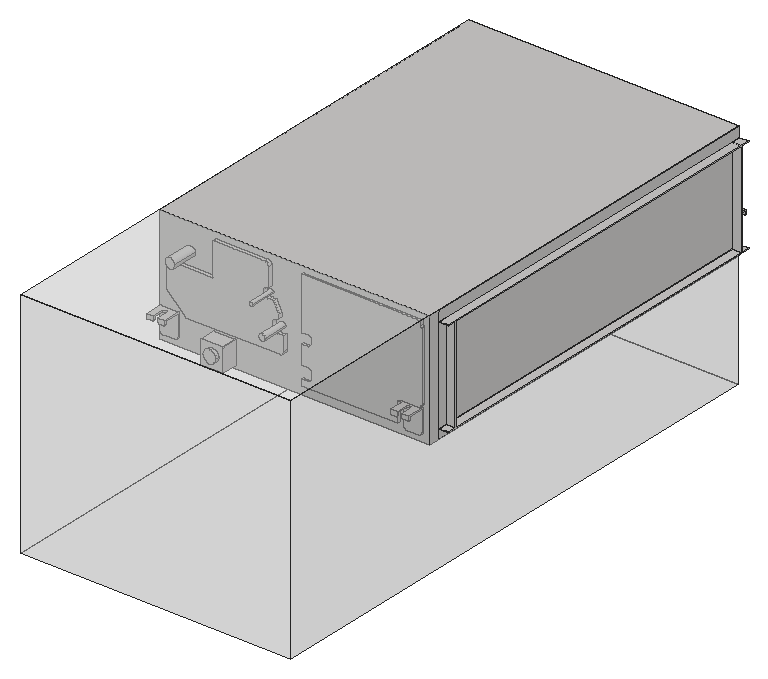
Revit family "outputfile", category 機械設備, Revit 2024
Family settings
  丸型コネクタ寸法 = 半径を使用
  パーツ タイプ = 標準
  OmniClass 番号 = 23.75.10.24.21.27.27
  OmniClass タイトル = Split System Air Conditioning Units
  作業面ベース = いいえ
  常に垂直 = はい
  ロード時にボイドで切り取り = いいえ
  注釈の向きを維持 = いいえ
  共有 = いいえ
  部屋計算ポイント = はい
Parameters (values of type "FXMQ140BFV2S")
  Description = ""
  製造元 = "Daikin"
  書き出し IFC クラス(タイプ) = "IfcUnitaryEquipmentType"
  定義済み IFC タイプ(タイプ) = "AIRCONDITIONINGUNIT"
  Cost = 0
  モデル = "FXMQ140BFV2S"
  Type Comments = ""
  Keynote = ""
  Type Image = (empty or 0)
  Assembly Code = ""
  w_dischargeflange = 805.0 mm
  w_suctionflange = 970.0 mm
  r_Liquid Pipe Size = Liquid Pipe Size / 2  # 4.75 mm
  r_Gas Pipe Size = Gas Pipe Size / 2  # 7.95 mm
  r_Drain Pipe Size = Drain Pipe Size / 2  # 12.5 mm
  lw_powersupply = 380.0 mm  # constant formula
  lw_mountinghole_pitch = 631.0 mm  # constant formula
  lw_mountinghole = 27.0 mm  # constant formula
  lw_maintenacesocket = 169.0 mm  # constant formula
  lw_liquidpipe = 290.0 mm  # constant formula
  lw_gaspipe = 318.0 mm  # constant formula
  lw_drainpipe = 80.0 mm  # constant formula
  lh_dischargeflange = 165.0 mm  # constant formula
  lh_powersupply = 56.0 mm  # constant formula
  lh_maintenacesocket = 40.0 mm  # constant formula
  lh_liquidpipe = 212.0 mm  # constant formula
  lh_gaspipe = 144.0 mm  # constant formula
  lh_drainpipe = 232.0 mm  # constant formula
  lh_suctionflange = 150.0 mm  # constant formula
  lh_antena = Height - lh_mountinghole + 1.0 mm  # 221.0 mm
  ld_dischargeflange = 435.0 mm
  ld_powersupply = Depth / 2  # 500.0 mm
  ld_mountinghole_pitch = 1038.0 mm
  ld_suctionflange = 513.0 mm
  h_dischargeflange = 265.0 mm  # constant formula
  lh_mountinghole = 80.0 mm  # constant formula
  h_mountinghole = [h***] + lh_mountinghole  # 80.0 mm
  h_suctionflange = 297.0 mm  # constant formula
  h*** = 0.0 mm  # constant formula
  d_dischargeflange = 25.0 mm  # constant formula
  d_pipe = 65.0 mm
  d_suctionflange = 25.0 mm  # constant formula
  Width = 700.0 mm
  Voltage_comment_50Hz = "220-240"
  Voltage_50Hz = 230 V
  Version = "ver.1.0"
  Unit Type = "Outdoor Air Processing Unit"
  Unit Mass Weight = 36.00 kg
  Unit Designation [instance] = ""
  Uniclass2015Version = "Products v1.30"
  Uniclass2015Title = "Variable refrigerant flow units"
  Uniclass2015Code = "Pr_70_65_03_94"
  URL = ""
  Total Cooling Capacity [instance] = 0.000 kW
  Supply Air Direction [instance] = yes
  Sound Pressure Level_M speed (dBA) = 34
  Sound Pressure Level_L speed (dBA) = 25
  Sound Pressure Level_H speed (dBA) = 41
  Sound Power Level_H speed (dB) = 0
  Series = "VRV Fan Coil Unit"
  Sensible Cooling Capacity [instance] = 0.000 kW
  SA Duct Size Width = 760.0 mm
  SA Duct Size Height = 215.0 mm
  Refrigerant Type = "R410A"
  Power Input (Cooling) = 0.100 kW
  Phase_50Hz = 1
  Option Accessory 3 [instance] = ""
  Option Accessory 2 [instance] = ""
  Option Accessory 1 [instance] = ""
  OA Duct Size Width = 925.0 mm
  OA Duct Size Height = 247.0 mm
  Nominal Cooling Capacity = 16.000 kW
  Minimum External Static Pressure = 50.00 Pa
  Minimum Circuit Amps_50Hz = 1.75 A
  Minimum Airflow = 618.00 m³/h
  Median Airflow = 924.00 m³/h
  Maximum Fuse Amps_50Hz = 16.0 A
  Maximum External Static Pressure = 200.00 Pa
  Maximum Airflow = 1230.00 m³/h
  Material_Casing = DAIKIN_GalvanizedSteel_Casing_indoorunit
  Load Classification = HVAC
  Liquid Pipe Size = 9.5 mm
  Link_Nested Family [instance] = ""
  IfcVersion = "0"
  IfcExportType = "AIRCONDITIONINGUNIT"
  IfcExportAs = "IfcUnitaryEquipmentType"
  Height = 300.0 mm
  Heat Exchanger Type = "Cross Fin Coil"
  Gas Pipe Size = 15.9 mm
  Frequency_50Hz = 50 Hz
  Fan Type = "Sirocco Fan"
  Fan Drive = "Direct Drive"
  FCU Tag No. [instance] = ""
  Drain Pipe Size = 25.0 mm
  Design Supply Airflow [instance] = 0.00 m³/h
  Design Outdoor Airflow [instance] = 0.00 m³/h
  Design External Static Pressure [instance] = 0.00 Pa
  Depth = 1000.0 mm
  既定の高さ = 0.0 mm
  Cooling Entering Wet Bulb Temperature [instance] = 0.00 °C
  Cooling Entering Dry Bulb Temperature [instance] = 0.00 °C
  Cooling Ambient Wet Bulb Temperature [instance] = 0.00 °C
  Cooling Ambient Dry Bulb Temperature [instance] = 0.00 °C
  Clearance visibility [instance] = yes
  Clearance Top = 0.0 mm
  Clearance Right = 0.0 mm
  Clearance Rear = 0.0 mm
  Clearance Left = 0.0 mm
  Clearance Front = 450.0 mm
  Clearance Bottom = 300.0 mm
Reference planes
  plane 1 "Center (Front/Back)": y = 0
  plane 2: z = 0
  plane 3 "Center (Left/Right)": x = 0
  plane 4 "Back": y = 500
  plane 5 "Front": y = -500
  plane 6 "Left": x = -350
  plane 7 "Right": x = 350
  plane 8 "Top": z = 0
  plane 9 "Bottom": z = -300
  plane 10: y = 500
  plane 11: y = -950
  plane 12: x = 350
  plane 13: x = -350
  plane 14: z = 0
  plane 15: z = -600
  plane 16: y = -506
  plane 17: y = -510
  plane 18: y = -541
  plane 19: y = -549
  plane 20: y = -565
  plane 21 "ld_drainpipe": x = -270
  plane 22 "ld_liquidpipe": x = -60
  plane 23 "ld_gaspipe": x = -32
  plane 24 "lh_gaspipe": z = -156
  plane 25 "lh_drainpipe": z = -68
  plane 26 "lh_liquidpipe": z = -88
  plane 27 "h_mountinghole": z = -220
  plane 28: x = -323
  plane 29: x = 308
  plane 30: y = 519
  plane 31: y = -519
  plane 32 "lh_powersuply": z = -244
  plane 33 "ld_powersupply": x = 30
  plane 34 "lh_suctionflange": z = -150
  plane 35 "ld_suctionflange": y = 13
  plane 36 "ld_dischargeflange": y = 65
  plane 37 "lh_dischargeflange": z = -135
  plane 38 "lh_maintenacesocket": z = -260
  plane 39 "lw_maintenacesocket": x = -181
Forms (mm)
  Extrusion 1, solid, material "DAIKIN_GalvanizedSteel_Casing_indoorunit" <- "Material_Casing"
    sketch origin (0, 0, 0) x (1, 0, 0) y (0, 0, 1)
      loop
        line (-350, 0) -> (-350, -300) -> (350, -300) -> (350, 0) -> (-350, 0)
    from -500 to 500
  Extrusion 2, solid, material "DAIKIN_GalvanizedSteel_Casing_indoorunit" <- "Material_Casing"
    sketch origin (0, 0, 0) x (1, 0, 0) y (0, 0, 1)
      loop
        line (23.104, -151.299) -> (41.1, -151.326)
        arc (41.1, -151.326) -> (46.767, -153.673) -> (49.114, -159.34) r 8.015
        line (49.114, -159.34) -> (49.104, -169.302)
        arc (49.104, -169.302) -> (46.761, -174.959) -> (41.104, -177.302) r 8
        line (41.104, -177.302) -> (23.104, -177.302) -> (23.104, -227.302) -> (41.104, -227.302)
        arc (41.104, -227.302) -> (46.761, -229.645) -> (49.104, -235.302) r 8
        line (49.104, -235.302) -> (49.104, -251.302)
        arc (49.104, -251.302) -> (46.761, -256.959) -> (41.104, -259.302) r 8
        line (41.104, -259.302) -> (23.104, -259.302) -> (23.104, -274.802) -> (271.104, -274.802) -> (271.104, -224.802)
        arc (271.104, -224.802) -> (272.568, -221.266) -> (276.104, -219.802) r 5
        line (276.104, -219.802) -> (327.104, -219.802)
        spline (327.104, -219.802) -> (327.496, -219.776) -> (327.88, -219.7) -> (328.252, -219.574) -> (328.604, -219.4) -> (328.93, -219.182) -> (329.225, -218.923) -> (329.484, -218.628) -> (329.702, -218.302) -> (329.876, -217.95) -> (330.002, -217.578) -> (330.078, -217.194) -> (330.104, -216.802)
        line (330.104, -216.802) -> (330.104, -213) -> (332, -213)
        arc (332, -213) -> (334.121, -212.121) -> (335, -210) r 3
        line (335, -210) -> (335, -32)
        arc (335, -32) -> (334.121, -29.879) -> (332, -29) r 3
        line (332, -29) -> (330.104, -29) -> (330.104, -15.8) -> (23.104, -15.8) -> (23.104, -151.299)
    from 500 to 506
  Extrusion 3, solid, material "DAIKIN_GalvanizedSteel_Casing_indoorunit" <- "Material_Casing"
    sketch origin (0, 0, 0) x (1, 0, 0) y (0, 0, 1)
      loop
        line (-70, -15.8) -> (-201, -15.8)
        arc (-201, -15.8) -> (-203.121, -16.679) -> (-204, -18.8) r 3
        line (-204, -18.8) -> (-204, -102) -> (-321, -102)
        arc (-321, -102) -> (-323.121, -102.879) -> (-324, -105) r 3
        line (-324, -105) -> (-324, -167.757)
        arc (-324, -167.757) -> (-323.772, -168.905) -> (-323.121, -169.879) r 3
        line (-323.121, -169.879) -> (-274.879, -218.121)
        arc (-274.879, -218.121) -> (-273.905, -218.772) -> (-272.757, -219) r 3
        line (-272.757, -219) -> (-30, -219)
        arc (-30, -219) -> (-22.929, -216.071) -> (-20, -209) r 10
        line (-20, -209) -> (-20, -172.5) -> (-26.169, -172.5)
        arc (-26.169, -172.5) -> (-49.051, -159.94) -> (-34, -138.615) r 17.5
        line (-34, -138.615) -> (-34, -127.5) -> (-47, -100.5) -> (-56.429, -100.5)
        arc (-56.429, -100.5) -> (-72.874, -89.803) -> (-60, -75) r 13
        line (-60, -75) -> (-60, -25.8)
        arc (-60, -25.8) -> (-62.929, -18.729) -> (-70, -15.8) r 10
    from 510 to 500
  Extrusion 4, solid, material "DAIKIN_GalvanizedSteel_Casing_indoorunit" <- "Material_Casing"
    sketch origin (0, 0, 0) x (1, 0, 0) y (0, 0, 1)
      loop
        line (-209.102, -232.7) -> (-209.102, -292.398) -> (-152.898, -292.398) -> (-152.898, -232.7)
        arc (-152.898, -232.7) -> (-153.133, -232.133) -> (-153.7, -231.898) r 0.802
        line (-153.7, -231.898) -> (-208.298, -231.898)
        arc (-208.298, -231.898) -> (-208.865, -232.133) -> (-209.102, -232.7) r 0.802
    from 500 to 541
  Extrusion 5, solid, material "DAIKIN_GalvanizedSteel_Casing_indoorunit" <- "Material_Casing"
    sketch origin (0, 0, 0) x (1, 0, 0) y (0, 0, 1)
      loop
        circle (-181, -260) r 16.5
    from 541 to 549
  Extrusion 6, solid, material "DAIKIN_GalvanizedSteel_Casing_indoorunit" <- "Material_Casing"
    sketch origin (0, 0, 0) x (1, 0, 0) y (0, 0, 1)
      loop
        circle (-270, -68) r 12.5
      loop
        circle (-60, -88) r 4.75
      loop
        circle (-32, -156) r 7.95
    from 500 to 565
Dimensions and locks
  "Height": plane 8 "Top" to plane 9 "Bottom"
  equal spacing: plane 6 "Left", plane 3 "Center (Left/Right)", plane 7 "Right", locked at 350 each
  "Width": plane 6 "Left" to plane 7 "Right"
  equal spacing: plane 4 "Back", plane 1 "Center (Front/Back)", plane 5 "Front"
  "Depth": plane 4 "Back" to plane 5 "Front"
  "Clearance Left": plane 13 to plane 6 "Left"
  "Clearance Right": plane 7 "Right" to plane 12
  "Clearance Rear": plane 10 to plane 4 "Back"
  "Clearance Front": plane 5 "Front" to plane 11
  "Clearance Top": plane 14 to plane 8 "Top"
  "Clearance Bottom": plane 9 "Bottom" to plane 15
  Extrusion 2 sketch curve to Extrusion 2 sketch curve to Extrusion 2 sketch curve = 307.0 mm locked, 4.896 mm locked
  Extrusion 2 sketch curve to Extrusion 2 sketch curve to Extrusion 2 sketch curve to Extrusion 2 sketch curve to Extrusion 2 sketch curve = 26.0 mm locked, 222.0 mm locked, 59.0 mm locked, 4.896 mm locked
  locked: Extrusion 2 sketch curve to Extrusion 2 sketch curve at 26.01
  locked: Extrusion 2 sketch curve to nested 1 at 23.104
  locked: Extrusion 2 sketch curve to plane 3 "Center (Left/Right)" at 23.104
  plane 3 "Center (Left/Right)" to Extrusion 2 sketch curve = 23.104 mm
  Extrusion 2 sketch curve to Extrusion 2 sketch curve to Extrusion 2 sketch curve to Extrusion 2 sketch curve to Extrusion 2 sketch curve = 161.502 mm locked, 50.0 mm locked, 32.0 mm locked, 15.5 mm locked
  locked: Extrusion 2 sketch curve to Extrusion 2 sketch curve at 68.127
  locked: Extrusion 2 sketch curve to Extrusion 2 sketch curve at 13.2
  locked: Extrusion 2 sketch curve to Extrusion 2 sketch curve at 6.802
  locked: Extrusion 2 sketch curve to Extrusion 2 sketch curve at 55
  locked: plane 5 "Front" to plane 16 at 6
  locked: plane 5 "Front" to plane 17 at 10
  locked: plane 5 "Front" to plane 18 at 41
  "d_pipe": plane 5 "Front" to plane 20
  "lw_drainpipe": plane 6 "Left" to plane 21 "ld_drainpipe"
  "lw_liquidpipe": plane 6 "Left" to plane 22 "ld_liquidpipe"
  "lw_gaspipe": plane 6 "Left" to plane 23 "ld_gaspipe"
  "lh_gaspipe": plane 24 "lh_gaspipe" to plane 9 "Bottom"
  "lh_liquidpipe": plane 26 "lh_liquidpipe" to plane 9 "Bottom"
  "lh_drainpipe": plane 25 "lh_drainpipe" to plane 9 "Bottom"
  "lh_mountinghole": plane 27 "h_mountinghole" to plane 9 "Bottom"
  "lw_mountinghole": plane 6 "Left" to plane 28
  "lw_mountinghole_pitch": plane 28 to plane 29
  equal spacing: plane 30, plane 1 "Center (Front/Back)", plane 31
  "ld_mountinghole_pitch": plane 30 to plane 31
  locked: Extrusion 3 sketch curve to plane 6 "Left" at 146
  locked: Extrusion 3 sketch curve to plane 6 "Left" at 290
  locked: plane 6 "Left" to Extrusion 3 sketch curve at 26
  locked: Extrusion 3 sketch curve to plane 6 "Left" at 316
  locked: Extrusion 3 sketch curve to plane 6 "Left" at 330
  locked: Extrusion 3 sketch curve to plane 9 "Bottom" at 81
  locked: Extrusion 3 sketch curve to plane 9 "Bottom" at 284.2
  locked: Extrusion 3 sketch curve to plane 9 "Bottom" at 199.5
  locked: Extrusion 3 sketch curve to plane 9 "Bottom" at 127.5
  locked: Extrusion 3 sketch curve to plane 9 "Bottom" at 198
  "lh_powersupply": plane 32 "lh_powersuply" to plane 9 "Bottom"
  "lw_powersupply": plane 6 "Left" to plane 33 "ld_powersupply"
  "lh_suctionflange": plane 34 "lh_suctionflange" to plane 9 "Bottom"
  "ld_suctionflange": plane 35 "ld_suctionflange" to plane 5 "Front"
  "ld_dischargeflange": plane 4 "Back" to plane 36 "ld_dischargeflange"
  "lh_dischargeflange": plane 37 "lh_dischargeflange" to plane 9 "Bottom"
  locked: plane 5 "Front" to plane 19 at 49
  "lh_maintenacesocket": plane 38 "lh_maintenacesocket" to plane 9 "Bottom"
  "lw_maintenacesocket": plane 6 "Left" to plane 39 "lw_maintenacesocket"
  equal spacing: Extrusion 4 sketch curve, plane 39 "lw_maintenacesocket", Extrusion 4 sketch curve
  locked: Extrusion 4 sketch curve to Extrusion 4 sketch curve at 56.204
  Extrusion 4 sketch curve to plane 38 "lh_maintenacesocket" to Extrusion 4 sketch curve = 28.102 mm locked, 32.398 mm locked
  "r_Drain Pipe Size": radius of Extrusion 6 sketch curve
  "r_Liquid Pipe Size": radius of Extrusion 6 sketch curve
  "r_Gas Pipe Size": radius of Extrusion 6 sketch curve
  aligned and locked: level to plane 2
  aligned and locked: Extrusion 1 sketch curve to plane 8 "Top"
  aligned and locked: plane 6 "Left" to Extrusion 1 sketch curve
  aligned and locked: plane 9 "Bottom" to Extrusion 1 sketch curve
  aligned and locked: Extrusion 1 sketch curve to plane 7 "Right"
  aligned and locked: plane 4 "Back" to Extrusion 1
  aligned and locked: Extrusion 1 to plane 5 "Front"
  aligned and locked: plane 10 to nested 1
  aligned and locked: plane 11 to nested 1
  aligned and locked: plane 12 to nested 1
  aligned and locked: nested 1 to plane 13
  aligned and locked: plane 15 to nested 1
  aligned and locked: plane 14 to nested 1
  aligned and locked: Extrusion 2 to plane 16
  aligned and locked: plane 5 "Front" to Extrusion 2
  aligned and locked: Extrusion 4 to plane 18
  aligned and locked: plane 5 "Front" to Extrusion 4
  aligned and locked: Extrusion 5 to plane 19
  aligned and locked: plane 18 to Extrusion 5
  aligned and locked: plane 25 "lh_drainpipe" to Extrusion 6 sketch curve
  aligned and locked: plane 21 "ld_drainpipe" to Extrusion 6 sketch curve
  aligned and locked: plane 26 "lh_liquidpipe" to Extrusion 6 sketch curve
  aligned and locked: plane 22 "ld_liquidpipe" to Extrusion 6 sketch curve
  aligned and locked: plane 23 "ld_gaspipe" to Extrusion 6 sketch curve
  aligned and locked: plane 24 "lh_gaspipe" to Extrusion 6 sketch curve
  aligned and locked: Extrusion 6 to plane 20
  aligned and locked: plane 5 "Front" to Extrusion 6
  aligned and locked: nested 2 to plane 5 "Front"
  aligned and locked: nested 2 to plane 21 "ld_drainpipe"
  aligned and locked: plane 25 "lh_drainpipe" to nested 2
  aligned and locked: nested 3 to plane 5 "Front"
  aligned and locked: nested 4 to plane 5 "Front"
  aligned and locked: plane 26 "lh_liquidpipe" to nested 3
  aligned and locked: plane 24 "lh_gaspipe" to nested 4
  aligned and locked: plane 29 to nested 5
  aligned and locked: plane 4 "Back" to nested 5
  aligned and locked: plane 27 "h_mountinghole" to nested 5
  aligned and locked: plane 28 to nested 6
  aligned and locked: plane 4 "Back" to nested 6
  aligned and locked: plane 27 "h_mountinghole" to nested 6
  aligned and locked: nested 7 to plane 29
  aligned and locked: plane 5 "Front" to nested 7
  aligned and locked: plane 5 "Front" to nested 8
  aligned and locked: nested 8 to plane 28
  aligned and locked: nested 7 to plane 27 "h_mountinghole"
  aligned and locked: nested 8 to plane 27 "h_mountinghole"
  aligned and locked: Extrusion 3 to plane 17
  aligned and locked: plane 5 "Front" to Extrusion 3
  aligned and locked: nested 11 to plane 28
  aligned and locked: nested 11 to plane 30
  aligned and locked: nested 12 to plane 29
  aligned and locked: nested 12 to plane 30
  aligned and locked: nested 9 to plane 29
  aligned and locked: plane 31 to nested 9
  aligned and locked: nested 10 to plane 28
  aligned and locked: plane 31 to nested 10
  aligned and locked: nested 13 to plane 32 "lh_powersuply"
  aligned and locked: plane 1 "Center (Front/Back)" to nested 14
  aligned and locked: nested 14 to plane 3 "Center (Left/Right)"
  aligned and locked: plane 34 "lh_suctionflange" to nested 15
  aligned and locked: plane 7 "Right" to nested 15
  aligned and locked: plane 35 "ld_suctionflange" to nested 15
  aligned and locked: nested 16 to plane 36 "ld_dischargeflange"
  aligned and locked: nested 16 to plane 6 "Left"
  aligned and locked: plane 37 "lh_dischargeflange" to nested 16
  aligned and locked: nested 17 to plane 6 "Left"
  aligned and locked: nested 17 to plane 36 "ld_dischargeflange"
  aligned and locked: plane 7 "Right" to nested 18
  aligned and locked: plane 35 "ld_suctionflange" to nested 18
  aligned and locked: nested 18 to plane 34 "lh_suctionflange"
  aligned and locked: nested 17 to plane 37 "lh_dischargeflange"
  aligned and locked: plane 38 "lh_maintenacesocket" to Extrusion 5 sketch curve
  aligned and locked: plane 39 "lw_maintenacesocket" to Extrusion 5 sketch curve
  aligned and locked: nested 3 to plane 22 "ld_liquidpipe"
  aligned and locked: nested 4 to plane 23 "ld_gaspipe"
  aligned and locked: nested 13 to plane 33 "ld_powersupply"
  aligned and locked: level to plane 8 "Top"
Automatic sketch dimensions
  Extrusion 2 sketch curve to Extrusion 2 sketch curve = 0.027 mm
  Extrusion 2 sketch curve to Extrusion 2 sketch curve = 8.015 mm
  Extrusion 2 sketch curve to Extrusion 2 sketch curve = 8.01 mm
  Extrusion 2 sketch curve to Extrusion 2 sketch curve = 0.0 mm  (x4)
  Extrusion 2 sketch curve to Extrusion 2 sketch curve = 8.0 mm  (x3)
  Extrusion 2 sketch curve to Extrusion 2 sketch curve = 5.0 mm
  Extrusion 2 sketch curve to Extrusion 2 sketch curve = 3.0 mm  (x2)
  Extrusion 2 sketch curve to Extrusion 2 sketch curve = 1.896 mm  (x2)
  Extrusion 2 sketch curve to plane 8 "Top" = 15.8 mm
  Extrusion 4 sketch curve to Extrusion 4 sketch curve = 0.804 mm
  Extrusion 4 sketch curve to Extrusion 4 sketch curve = 0.802 mm  (x2)
  Extrusion 4 sketch curve to Extrusion 4 sketch curve = 0.0 mm
  plane 23 "ld_gaspipe" to Extrusion 3 sketch curve = 0.0 mm
  Extrusion 3 sketch curve to plane 24 "lh_gaspipe" = 0.0 mm
  Extrusion 3 sketch curve to plane 26 "lh_liquidpipe" = 0.0 mm
  plane 28 to Extrusion 3 sketch curve = 0.121 mm
  Extrusion 3 sketch curve to plane 28 = 2.0 mm  (x2)
  plane 21 "ld_drainpipe" to Extrusion 3 sketch curve = 4.879 mm
  plane 21 "ld_drainpipe" to Extrusion 3 sketch curve = 2.757 mm
  Extrusion 3 sketch curve to Extrusion 3 sketch curve = 3.0 mm  (x2)
  plane 22 "ld_liquidpipe" to Extrusion 3 sketch curve = 10.0 mm
  Extrusion 3 sketch curve to plane 22 "ld_liquidpipe" = 3.571 mm
  Extrusion 3 sketch curve to Extrusion 3 sketch curve = 9.429 mm
  Extrusion 3 sketch curve to plane 23 "ld_gaspipe" = 2.0 mm
  Extrusion 3 sketch curve to plane 23 "ld_gaspipe" = 5.831 mm
  Extrusion 3 sketch curve to plane 24 "lh_gaspipe" = 11.757 mm
  Extrusion 3 sketch curve to Extrusion 3 sketch curve = 11.115 mm
  radius of Extrusion 5 sketch curve = 16.5 mm
Nested families
  nested 1: "daikin_clearancespace" at (0, -225, -299.881), visible <- "Clearance visibility", show <- "Clearance visibility", Link_Nested Family <- "Link_Nested Family", type "daikin_clearancespace"
    with width 700.0 mm, show yes, height 600.0 mm, depth 1450.0 mm, Link_Nested Family ""
  nested 2: "daikin_connector_rotate2" at (-270, -500, -68), length <- "d_pipe", radius <- "r_Drain Pipe Size", type "daikin_connector_rotate2"
    with radius 12.5 mm, length 65.0 mm, angle_vertical 90.00°, show_face no
  nested 3: "daikin_connector_rotate2" at (-60, -500, -88), length <- "d_pipe", radius <- "r_Liquid Pipe Size", type "daikin_connector_rotate2"
    with radius 4.75 mm, length 65.0 mm, angle_vertical 90.00°, show_face no
  nested 4: "daikin_connector_rotate2" at (-32, -500, -156), length <- "d_pipe", radius <- "r_Gas Pipe Size", type "daikin_connector_rotate2"
    with radius 7.95 mm, length 65.0 mm, angle_vertical 90.00°, show_face no
  nested 5: "daikin_hangerfixture_FXMQ-BFV2S" at (308, 500, -220) x (-1, 0, 0) z (0, 0, 1), type "daikin_hangerfixture_FXMQ-BFV2S"
  nested 6: "daikin_hangerfixture_FXMQ-BFV2S" at (-323, 500, -220) x (-1, 0, 0) z (0, 0, 1), type "daikin_hangerfixture_FXMQ-BFV2S"
  nested 7: "daikin_hangerfixture_FXMQ-BFV2S" at (308, -500, -220) x (-1, 0, 0) z (0, 0, 1), type "daikin_hangerfixture_FXMQ-BFV2S"
  nested 8: "daikin_hangerfixture_FXMQ-BFV2S" at (-323, -500, -220) x (-1, 0, 0) z (0, 0, 1), type "daikin_hangerfixture_FXMQ-BFV2S"
  nested 9: "daikin_mountinghole" at (308, -519, -300), Link_Nested Family <- "Link_Nested Family", l_antenna <- "lh_antena", h_mountinghole <- "h_mountinghole", type "daikin_mountinghole"
    with show yes, l_antenna 221.0 mm, h_mountinghole 80.0 mm, Link_Nested Family ""
  nested 10: "daikin_mountinghole" at (-323, -519, -300), Link_Nested Family <- "Link_Nested Family", l_antenna <- "lh_antena", h_mountinghole <- "h_mountinghole", type "daikin_mountinghole"
    with show yes, l_antenna 221.0 mm, h_mountinghole 80.0 mm, Link_Nested Family ""
  nested 11: "daikin_mountinghole" at (-323, 519, -300), Link_Nested Family <- "Link_Nested Family", l_antenna <- "lh_antena", h_mountinghole <- "h_mountinghole", type "daikin_mountinghole"
    with show yes, l_antenna 221.0 mm, h_mountinghole 80.0 mm, Link_Nested Family ""
  nested 12: "daikin_mountinghole" at (308, 519, -300), Link_Nested Family <- "Link_Nested Family", l_antenna <- "lh_antena", h_mountinghole <- "h_mountinghole", type "daikin_mountinghole"
    with show yes, l_antenna 221.0 mm, h_mountinghole 80.0 mm, Link_Nested Family ""
  nested 13: "daikin_connector_rotate2" at (30, 0, -244), length <- "ld_powersupply", type "daikin_connector_rotate2"
    with radius 10.0 mm, length 500.0 mm, angle_vertical 90.00°, show_face no
  nested 14: "daikin_△_symbolicline" at (0, 0, 300) x (0, -1, 0) z (0, 0, 1), visible <- "Supply Air Direction", built-in parameter 1001364 <- "Height", type "daikin_△_symbolicline"
    with length 300.0 mm
  nested 15: "daikin_ductflange_FXMQ-BFV2S" at (350, 13, -298.5) x (0, 1, 0) z (0, 0, 1), depth <- "d_suctionflange", height <- "h_suctionflange", width <- "w_suctionflange", material <- "Material_Casing", type "daikin_ductflange_FXMQ-BFV2S"
    with width 970.0 mm, top1 25.0 mm, right1 22.5 mm, material DAIKIN_GalvanizedSteel_Casing_indoorunit, left1 22.5 mm, height 297.0 mm, depth 25.0 mm, Bottom1 25.0 mm
  nested 16: "daikin_ductflange_FXMQ-BFV2S" at (-350, 65, -267.5) x (0, -1, 0) z (0, 0, 1), material <- "Material_Casing", depth <- "d_dischargeflange", height <- "h_dischargeflange", width <- "w_dischargeflange", type "daikin_ductflange_FXMQ-BFV2S"
    with width 805.0 mm, top1 25.0 mm, right1 22.5 mm, material DAIKIN_GalvanizedSteel_Casing_indoorunit, left1 22.5 mm, height 265.0 mm, depth 25.0 mm, Bottom1 25.0 mm
  nested 17: "daikin_connector_rotate2" at (-350, 65, -135) x (0, -1, 0) z (0, 0, 1), length <- "d_dischargeflange", type "daikin_connector_rotate2"
    with radius 10.0 mm, length 25.0 mm, angle_vertical 90.00°, show_face no
  nested 18: "daikin_connector_rotate2" at (350, 13, -150) x (0, 1, 0) z (0, 0, 1), length <- "d_suctionflange", type "daikin_connector_rotate2"
    with radius 10.0 mm, length 25.0 mm, angle_vertical 90.00°, show_face no
Connectors
  piping at (-270, -565, -68), diameter 25, driven by "r_Drain Pipe Size"
    settings: on nested 2, index 1, connector inside diameter 609.6 mm, connector length 0.0 mm, flow factor 0, pipe flow 0.00 m³/h, pressure drop 0.0 Pa, fitting loss kfactor 0, connector angle 0.00°, fixture units 0, engagement length 0.0 mm, angle of deflection 0.00°, flow configuration 1, flow direction 2, fitting loss method 4, system type 16, joint type 0, gender type 0, connector reference index -1, connector utility 0, adjustable connector no, is connector primary yes, connector description "Condensate Drain Piping"
  piping at (-60, -565, -88), diameter 9.5, driven by "r_Liquid Pipe Size"
    settings: on nested 3, index 2, connector inside diameter 609.6 mm, connector length 0.0 mm, flow factor 0, pipe flow 0.00 m³/h, pressure drop 0.0 Pa, fitting loss kfactor 0, connector angle 0.00°, fixture units 0, engagement length 0.0 mm, angle of deflection 0.00°, flow configuration 1, flow direction 1, fitting loss method 0, system type 29, joint type 0, gender type 0, connector reference index -1, connector utility 0, adjustable connector no, is connector primary no, connector description "Refrigerant Liquid Piping"
  piping at (-32, -565, -156), diameter 15.9, driven by "r_Gas Pipe Size"
    settings: on nested 4, index 3, connector inside diameter 609.6 mm, connector length 0.0 mm, flow factor 0, pipe flow 0.00 m³/h, pressure drop 0.0 Pa, fitting loss kfactor 0, connector angle 0.00°, fixture units 0, engagement length 0.0 mm, angle of deflection 0.00°, flow configuration 1, flow direction 2, fitting loss method 0, system type 29, joint type 0, gender type 0, connector reference index -1, connector utility 0, adjustable connector no, is connector primary no, connector description "Refrigerant Gas Piping"
  electrical at (30, -500, -244), driven by "Load Classification"
    settings: on nested 13, index 4, voltage 0 V, apparent load 0 VA, apparent load phase1 0 VA, apparent load phase2 0 VA, apparent load phase3 0 VA, power factor 1, load classification "HVAC", number of poles 1, system type 30, power factor state 1, is connector primary yes, connector utility no, sub classification motor no, connector description "Power Supply"
  hvac at (375, 13, -150), driven by "OA Duct Size Height", driven by "OA Duct Size Width"
    settings: on nested 15, index 5, duct flow 0.00 m³/h, flow factor 0, pres drop 0.00 Pa, loss coef 0, conn angle 0.00°, conn width 925.0 mm, conn height 247.0 mm, conn diameter 609.6 mm, duct sys type 1, conn prof type 1, flow config 0, flow direction 1, loss method 4, conn ref index -1, conn util no, is conn primary no, conn desc "OA Duct"
  hvac at (-375, 65, -135), driven by "SA Duct Size Height", driven by "SA Duct Size Width"
    settings: on nested 16, index 6, duct flow 0.00 m³/h, flow factor 0, pres drop 0.00 Pa, loss coef 0, conn angle 0.00°, conn width 760.0 mm, conn height 215.0 mm, conn diameter 609.6 mm, duct sys type 1, conn prof type 1, flow config 0, flow direction 2, loss method 4, conn ref index -1, conn util no, is conn primary yes, conn desc "SA Duct"
Definition of nested family "daikin_clearancespace"
  Parameters (values of type "daikin_clearancespace")
    width [instance] = 1823.963 mm
    show [instance] = yes
    material = none
    height [instance] = 1359.762 mm
    depth [instance] = 880.0 mm
    Default Elevation = 0.0 mm
    Link_Nested Family [instance] = ""
  Reference planes
    plane 1 "Center (Front/Back)": y = 0
    plane 2 "Center (Elevation)": z = -0.119
    plane 3 "Center (Left/Right)": x = 0
    plane 4: y = 440
    plane 5: y = -440
    plane 6 "Right": x = 911.982
    plane 7 "Left": x = -911.982
    plane 8 "Top": z = 679.762
    plane 9 "Bottom": z = -680
  Forms (mm)
    Extrusion 1, solid, material <- "material", visible <- "show"
      sketch origin (0, 0, 0) x (1, 0, 0) y (0, 1, 0)
        loop
          line (-911.982, 440) -> (-911.982, -440) -> (911.982, -440) -> (911.982, 440) -> (-911.982, 440)
      from -680 to 679.762
  Lines and regions (mm)
    symbolic lines, visible <- "show"
      curve 1: line (911.982, 440, 0) -> (-911.982, 440, 0)
      curve 2: line (-911.982, 440, 0) -> (-911.982, -440, 0)
      curve 3: line (-911.982, -440, 0) -> (911.982, -440, 0)
      curve 4: line (911.982, -440, 0) -> (911.982, 440, 0)
      curve 5: line (911.982, 0, 679.762) -> (-911.982, 0, 679.762)
      curve 6: line (911.982, 0, -680) -> (911.982, 0, 679.762)
      curve 7: line (-911.982, 0, -680) -> (911.982, 0, -680)
      curve 8: line (-911.982, 0, 679.762) -> (-911.982, 0, -680)
      curve 9: line (0, 440, 679.762) -> (0, -440, 679.762)
      curve 10: line (0, -440, 679.762) -> (0, -440, -680)
      curve 11: line (0, 440, -680) -> (0, 440, 679.762)
      curve 12: line (0, -440, -680) -> (0, 440, -680)
  Dimensions and locks
    "width": plane 7 "Left" to plane 6 "Right"
    "depth": plane 4 to plane 5
    "height": plane 8 "Top" to plane 9 "Bottom"
    equal spacing: plane 7 "Left", plane 3 "Center (Left/Right)", plane 6 "Right"
    equal spacing: plane 4, plane 1 "Center (Front/Back)", plane 5
    equal spacing: plane 8 "Top", plane 2 "Center (Elevation)", plane 9 "Bottom"
    aligned and locked: level to plane 2 "Center (Elevation)"
    aligned and locked: Extrusion 1 sketch curve to plane 4
    aligned and locked: plane 7 "Left" to Extrusion 1 sketch curve
    aligned and locked: Extrusion 1 sketch curve to plane 5
    aligned and locked: Extrusion 1 sketch curve to plane 6 "Right"
    aligned and locked: plane 8 "Top" to Extrusion 1
    aligned and locked: curve 1 to Extrusion 1
    aligned and locked: curve 2 to Extrusion 1
    aligned and locked: curve 3 to Extrusion 1
    aligned and locked: curve 4 to Extrusion 1
    aligned and locked: curve 5 to Extrusion 1
    aligned and locked: curve 6 to Extrusion 1
    aligned and locked: curve 7 to Extrusion 1
    aligned and locked: curve 8 to Extrusion 1
    aligned and locked: curve 9 to Extrusion 1
    aligned and locked: curve 10 to Extrusion 1
    aligned and locked: curve 11 to Extrusion 1
    aligned and locked: curve 12 to Extrusion 1
    aligned and locked: Extrusion 1 to plane 9 "Bottom"
Definition of nested family "daikin_hangerfixture_FXMQ-BFV2S"
  Parameters (values of type "daikin_hangerfixture_CeilingMountedDuct")
    width = 48.0 mm
    material = none
    height = 65.0 mm
    depth = 45.0 mm
    Default Elevation = 0.0 mm
  Reference planes
    plane 1 "Center (Front/Back)": y = 0
    plane 2: z = 0
    plane 3 "Center (Left/Right)": x = 0
    plane 4: y = 417.146
    plane 5: y = -45
    plane 6: x = -24
    plane 7: x = 24
    plane 8: z = -2.3
    plane 9: z = -65
    plane 10: y = -2.3
    plane 11: z = -12
    plane 12: y = -42.7
  Forms (mm)
    Extrusion 1, solid, material <- "material"
      sketch origin (0, 0, 0) x (1, 0, 0) y (0, 1, 0)
        loop
          line (24, 0) -> (-24, 0) -> (-24, -45) -> (-6, -45) -> (-6, -19)
          arc (-6, -19) -> (0, -13) -> (6, -19) r 6
          line (6, -19) -> (6, -45) -> (24, -45) -> (24, 0)
      from 0 to -2.3
    Extrusion 2, solid, material <- "material"
      sketch origin (0, 0, 0) x (1, 0, 0) y (0, 0, 1)
        loop
          line (24, -55) -> (24, 0) -> (-24, 0) -> (-24, -55)
          arc (-24, -55) -> (-21.071, -62.071) -> (-14, -65) r 10
          line (-14, -65) -> (14, -65)
          arc (14, -65) -> (21.071, -62.071) -> (24, -55) r 10
      from 0 to 2.3
    Extrusion 3, solid, material <- "material"
      sketch origin (0, 0, 0) x (1, 0, 0) y (0, 0, 1)
        loop
          line (-6, -9) -> (-6, 0) -> (-24, 0) -> (-24, -9)
          arc (-24, -9) -> (-23.121, -11.121) -> (-21, -12) r 3
          line (-21, -12) -> (-9, -12)
          arc (-9, -12) -> (-6.879, -11.121) -> (-6, -9) r 3
        loop
          line (6, 0) -> (6, -9)
          arc (6, -9) -> (6.879, -11.121) -> (9, -12) r 3
          line (9, -12) -> (21, -12)
          arc (21, -12) -> (23.121, -11.121) -> (24, -9) r 3
          line (24, -9) -> (24, 0) -> (6, 0)
      from 42.7 to 45
  Cuts and joins
    joined: Extrusion 1, Extrusion 2, Extrusion 3
  Dimensions and locks
    "width": plane 6 to plane 7
    "depth": plane 5 to plane 1 "Center (Front/Back)"
    plane 2 to plane 8 = 2.3 mm
    "height": plane 2 to plane 9
    locked: plane 10 to plane 1 "Center (Front/Back)" at 2.3
    locked: plane 2 to plane 11 at 12
    locked: plane 12 to plane 5 at 2.3
    aligned and locked: level to plane 2
    aligned and locked: Extrusion 1 sketch curve to plane 1 "Center (Front/Back)"
    aligned and locked: plane 7 to Extrusion 1
    aligned and locked: Extrusion 1 to plane 6
    aligned and locked: Extrusion 1 to plane 5  (x2)
    aligned and locked: Extrusion 1 to plane 8
    aligned and locked: plane 2 to Extrusion 1
    aligned and locked: plane 2 to Extrusion 2 sketch curve
    aligned and locked: Extrusion 2 to plane 9
    aligned and locked: Extrusion 2 to plane 10
    aligned and locked: Extrusion 2 to plane 1 "Center (Front/Back)"
    aligned and locked: plane 2 to Extrusion 3 sketch curve  (x2)
    aligned and locked: Extrusion 3 to plane 11  (x2)
    aligned and locked: plane 12 to Extrusion 3
    aligned and locked: Extrusion 3 to plane 5
  Automatic sketch dimensions
    Extrusion 1 sketch curve to plane 6 = 0.0 mm
    Extrusion 1 sketch curve to plane 5 = 0.0 mm  (x2)
    Extrusion 1 sketch curve to plane 3 "Center (Left/Right)" = 0.0 mm
    Extrusion 1 sketch curve to plane 7 = 0.0 mm
    Extrusion 1 sketch curve to plane 3 "Center (Left/Right)" = 6.0 mm
    plane 1 "Center (Front/Back)" to Extrusion 1 sketch curve = 19.0 mm
    Extrusion 2 sketch curve to plane 7 = 0.0 mm
    Extrusion 2 sketch curve to plane 7 = 10.0 mm
    Extrusion 2 sketch curve to plane 8 = 52.7 mm
    plane 6 to Extrusion 2 sketch curve = 10.0 mm
    Extrusion 2 sketch curve to plane 6 = 0.0 mm
    Extrusion 3 sketch curve to plane 6 = 0.0 mm
    Extrusion 3 sketch curve to plane 7 = 0.0 mm
    Extrusion 3 sketch curve to Extrusion 3 sketch curve = 3.0 mm  (x2)
    Extrusion 3 sketch curve to plane 8 = 6.7 mm
    Extrusion 3 sketch curve to plane 3 "Center (Left/Right)" = 9.0 mm
    Extrusion 3 sketch curve to plane 3 "Center (Left/Right)" = 6.0 mm
    plane 3 "Center (Left/Right)" to Extrusion 3 sketch curve = 6.0 mm
    Extrusion 3 sketch curve to plane 7 = 3.0 mm
    Extrusion 3 sketch curve to plane 8 = 9.7 mm
Definition of nested family "daikin_ductflange_FXMQ-BFV2S"
  Parameters (values of type "daikin_ductflange_CeilingMountedDuct")
    width [instance] = 670.0 mm
    right1 [instance] = 22.5 mm
    left1 [instance] = 22.5 mm
    Bottom1 [instance] = 25.0 mm
    material [instance] = none
    height [instance] = 272.0 mm
    depth [instance] = 25.0 mm
    top1 [instance] = 25.0 mm
    Default Elevation = 0.0 mm
  Reference planes
    plane 1 "Center (Front/Back)": y = 0
    plane 2: z = 0
    plane 3 "Center (Left/Right)": x = 0
    plane 4: y = -25
    plane 5: x = -335
    plane 6: x = 335
    plane 7 "Top": z = 272
    plane 8: y = -1
    plane 9: x = -312.5
    plane 10: x = 312.5
    plane 11: z = 247
    plane 12: z = 25
    plane 13 "Center (Elevation)": z = 136
  Forms (mm)
    Extrusion 1, solid, material <- "material"
      sketch origin (0, 0, 0) x (1, 0, 0) y (0, 0, 1)
        loop
          line (-335, 272) -> (-335, 0) -> (335, 0) -> (335, 272) -> (-335, 272)
        loop
          line (-312.5, 247) -> (-312.5, 25) -> (312.5, 25) -> (312.5, 247) -> (-312.5, 247)
      from 0 to 1
    Extrusion 2, solid, material <- "material"
      sketch origin (0, 0, 0) x (1, 0, 0) y (0, 1, 0)
        loop
          line (-312.5, -1) -> (-313.496, -1) -> (-313.496, -25) -> (-312.5, -25) -> (-312.5, -1)
        loop
          line (312.5, -1) -> (312.5, -25) -> (313.496, -25) -> (313.496, -1) -> (312.5, -1)
      from 25 to 247
    Extrusion 3, solid, material <- "material"
      sketch origin (0, 0, 0) x (0, 1, 0) y (0, 0, 1)
        loop
          line (-1, 247) -> (-1, 247.958) -> (-25, 247.958) -> (-25, 247) -> (-1, 247)
        loop
          line (-1, 25) -> (-25, 25) -> (-25, 24.042) -> (-1, 24.042) -> (-1, 25)
      from -335 to 335
  Cuts and joins
    joined: Extrusion 1, Extrusion 2, Extrusion 3
  Dimensions and locks
    "height": plane 7 "Top" to plane 2
    "width": plane 5 to plane 6
    equal spacing: plane 5, plane 3 "Center (Left/Right)", plane 6
    "depth": plane 1 "Center (Front/Back)" to plane 4
    locked: plane 8 to plane 1 "Center (Front/Back)" at 1
    "left1": plane 5 to plane 9
    "right1": plane 10 to plane 6
    locked: Extrusion 2 sketch curve to Extrusion 2 sketch curve at 0.996  (x2)
    "top1": plane 7 "Top" to plane 11
    "Bottom1": plane 12 to plane 2
    equal spacing: plane 7 "Top", plane 13 "Center (Elevation)", plane 2
    locked: Extrusion 3 sketch curve to Extrusion 2 at 0.958  (x2)
    aligned and locked: level to plane 2
    aligned and locked: Extrusion 1 sketch curve to plane 7 "Top"
    aligned and locked: plane 5 to Extrusion 1 sketch curve
    aligned and locked: Extrusion 1 sketch curve to plane 6
    aligned and locked: plane 2 to Extrusion 1 sketch curve
    aligned and locked: Extrusion 1 to plane 8
    aligned and locked: Extrusion 2 sketch curve to plane 8
    aligned and locked: Extrusion 2 sketch curve to plane 9
    aligned and locked: plane 8 to Extrusion 2 sketch curve
    aligned and locked: Extrusion 2 sketch curve to plane 10
    aligned and locked: plane 11 to Extrusion 2
    aligned and locked: Extrusion 2 to plane 12
    aligned and locked: plane 8 to Extrusion 3 sketch curve
    aligned and locked: Extrusion 3 sketch curve to plane 11
    aligned and locked: Extrusion 3 sketch curve to plane 8
    aligned and locked: Extrusion 3 sketch curve to plane 12
    aligned and locked: Extrusion 3 to plane 5
    aligned and locked: plane 6 to Extrusion 3
    aligned and locked: plane 4 to Extrusion 2 sketch curve
    aligned and locked: Extrusion 2 sketch curve to plane 4
    aligned and locked: plane 4 to Extrusion 3 sketch curve
    aligned and locked: Extrusion 3 sketch curve to plane 4
    aligned and locked: plane 9 to Extrusion 1 sketch curve
    aligned and locked: Extrusion 1 sketch curve to plane 10
    aligned and locked: plane 12 to Extrusion 1 sketch curve
    aligned and locked: Extrusion 1 sketch curve to plane 11
Definition of nested family "daikin_connector_rotate2"
  Parameters (values of type "daikin_connector_rotate2")
    show_face = yes
    radius [instance] = 10.0 mm
    length [instance] = 600.0 mm
    d_surface = 10.0 mm
    angle_vertical [instance] = 90.00°
    Default Elevation = 0.0 mm
  Reference planes
    plane 1 "Center (Front/Back)": y = 0
    plane 2: z = 0
    plane 3 "Center (Left/Right)": x = 0
  Forms (mm)
    Extrusion 1, solid, visible <- "show_face"
      sketch origin (0, -600, 0) x (1, 0, 0) y (0, 0, 1)
        loop
          circle (0, 0) r 10
      from 0 to -10
  Lines and regions (mm)
    reference lines
      curve 1: line (0, 0, 0) -> (0, -600, 0)
    symbolic lines
      curve 2: circle (0, 0, 0) r 5 normal (0, 0, 1)
    model lines, visible <- "show_face"
      curve 3: line (0, 0, 0) -> (0, -600, 0)
  Dimensions and locks
    "length": curve 1 to curve 1
    "length": curve 3 to curve 3
    "d_surface": Extrusion 1 to Extrusion 1
    "radius": radius of Extrusion 1 sketch curve
    "angle_vertical": angle curve 1 to plane 1 "Center (Front/Back)"
    "angle_vertical": angle curve 3 to plane 1 "Center (Front/Back)"
    aligned and locked: level to plane 2
    aligned and locked: plane 1 "Center (Front/Back)" to curve 1
    aligned and locked: plane 2 to curve 1
    aligned and locked: plane 1 "Center (Front/Back)" to curve 2
    aligned and locked: plane 3 "Center (Left/Right)" to curve 2
    aligned and locked: plane 1 "Center (Front/Back)" to curve 3
    aligned and locked: plane 2 to curve 3
    aligned and locked: Extrusion 1 to Extrusion 1
  Automatic sketch dimensions
    Extrusion 1 sketch curve to level = 0.0 mm
    Extrusion 1 sketch curve to plane 3 "Center (Left/Right)" = 0.0 mm
    radius of curve 2 = 5.0 mm
Definition of nested family "daikin_mountinghole"
  Parameters (values of type "daikin_mountinghole")
    Default Elevation = 1219.2 mm
    Type Comments = "mountinghole"
    show [instance] = yes
    material = none
    l_centerline = 100.0 mm
    l_antenna [instance] = 100.0 mm
    h_mountinghole [instance] = 0.0 mm
    d_circle = 30.0 mm
    Link_Nested Family [instance] = ""
  Reference planes
    plane 1 "Center (Front/Back)": y = 0
    plane 2: z = 0
    plane 3 "Center (Left/Right)": x = 0
    plane 4: y = 50
    plane 5: x = -50
    plane 6: x = 50
    plane 7: y = -50
    plane 8 "h_mountinghole": z = 0
    plane 9: z = 100
  Lines and regions (mm)
    model lines, detail levels fine
      curve 1: circle (0, 0, 0) r 15 normal (0, 0, 1)
      curve 2: line (-50, 0, 0) -> (50, 0, 0)
      curve 3: line (0, 50, 0) -> (0, -50, 0)
    symbolic lines, detail levels fine
      curve 4: circle (0, 0, 0) r 15 normal (0, 0, 1)
      curve 5: line (-50, 0, 0) -> (50, 0, 0)
      curve 6: line (0, 50, 0) -> (0, -50, 0)
    model lines
      curve 7: line (0, 0, 100) -> (0, 0, 0)
  Dimensions and locks
    equal spacing: plane 4, plane 1 "Center (Front/Back)", plane 7
    "l_centerline": plane 4 to plane 7
    equal spacing: plane 5, plane 3 "Center (Left/Right)", plane 6
    "l_centerline": plane 5 to plane 6
    "l_antenna": plane 9 to plane 8 "h_mountinghole"
    "h_mountinghole": plane 8 "h_mountinghole" to plane 2
    "d_circle": diameter of curve 1
    "d_circle": diameter of curve 4
    aligned and locked: level to plane 2
    aligned and locked: plane 1 "Center (Front/Back)" to curve 1
    aligned and locked: plane 3 "Center (Left/Right)" to curve 1
    aligned and locked: plane 1 "Center (Front/Back)" to curve 2
    aligned and locked: curve 3 to plane 3 "Center (Left/Right)"
    aligned and locked: plane 6 to curve 2
    aligned and locked: plane 5 to curve 2
    aligned and locked: plane 4 to curve 3
    aligned and locked: plane 7 to curve 3
    aligned and locked: plane 1 "Center (Front/Back)" to curve 4
    aligned and locked: plane 3 "Center (Left/Right)" to curve 4
    aligned and locked: plane 6 to curve 5
    aligned and locked: plane 5 to curve 5
    aligned and locked: plane 1 "Center (Front/Back)" to curve 5
    aligned and locked: plane 4 to curve 6
    aligned and locked: plane 7 to curve 6
    aligned and locked: curve 6 to plane 3 "Center (Left/Right)"
    aligned and locked: curve 7 to plane 3 "Center (Left/Right)"
    aligned and locked: plane 9 to curve 7
    aligned and locked: plane 8 "h_mountinghole" to curve 7
Definition of nested family "daikin_△_symbolicline"
  Parameters (values of type "daikin_△_symbolicline")
    length [instance] = 500.0 mm
    Default Elevation = 0.0 mm
  Reference planes
    plane 1 "Center (Front/Back)": y = 0
    plane 2: z = 0
    plane 3 "Center (Left/Right)": x = 0
  Lines and regions (mm)
    symbolic lines
      curve 1: line (0, -433.013, 0) -> (250, 0, 0)
      curve 2: line (250, 0, 0) -> (-250, 0, 0)
      curve 3: line (-250, 0, 0) -> (0, -433.013, 0)
  Dimensions and locks
    equal spacing: curve 3, plane 3 "Center (Left/Right)", curve 2
    "length": curve 3 to curve 2
    "length": curve 3 to curve 3
    "length": curve 1 to curve 1
    aligned and locked: level to plane 2
    aligned and locked: curve 2 to plane 1 "Center (Front/Back)"
    aligned and locked: plane 3 "Center (Left/Right)" to curve 3
